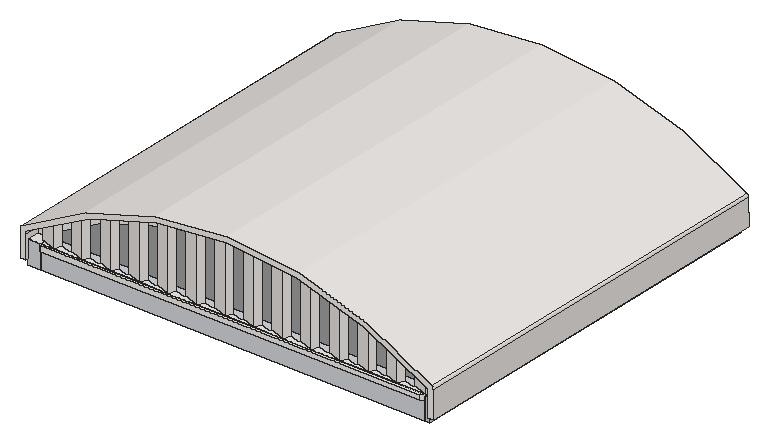
Revit family "Exterior-Mounted Cover", category Generic Models, host Face, Revit 2020
Family settings
  Host = Face
  Can host rebar = No
  Round Connector Dimension = Use Diameter
  Part Type = Normal
  Cut with Voids When Loaded = No
  Shared = No
  Room Calculation Point = No
Parameters
  Default Elevation = 1219.2 mm
Reference planes
  plane 1 "Center (Front/Back)": y = 0
  plane 2: z = 0
  plane 3 "Center (Left/Right)": x = 0
  plane 4: y = -110
  plane 5: y = 110
  plane 6: y = 108.5
  plane 7: y = -108.5
  plane 8: y = 105
  plane 9: y = -105
  plane 10: x = -106.5
  plane 11: x = -96.5
  plane 12: x = -90.5
  plane 13: x = -80.5
  plane 14: x = -74.5
  plane 15: x = -64.5
  plane 16: x = -58.5
  plane 17: x = -48.5
  plane 18: x = -42.5
  plane 19: x = -32.5
  plane 20: x = -26.5
  plane 21: x = -16.5
  plane 22: x = -10.5
  plane 23: x = -0.5
  plane 24: x = 5.5
  plane 25: x = 15.5
  plane 26: x = 21.5
  plane 27: x = 31.5
  plane 28: x = 37.5
  plane 29: x = 47.5
  plane 30: x = 53.5
  plane 31: x = 63.5
  plane 32: x = 69.5
  plane 33: x = 79.5
  plane 34: x = 85.5
  plane 35: x = 95.5
  plane 36: x = 101.5
  plane 37: x = 111.5
  plane 38: y = 100.728
  plane 39: y = -100.728
Forms (mm)
  Extrusion 1, void
    sketch origin (0, 0, 0) x (1, 0, 0) y (0, 1, 0)
      loop
        line (-60.869, 38.5) -> (-60.869, -68.334) -> (66.826, -68.334) -> (66.826, 38.5) -> (-60.869, 38.5)
    from 0 to -5.472
  Extrusion 2, solid, material "Metal - FanCo - Oil-Rubbed - Bronze"
    sketch origin (0, 0, 0) x (1, 0, 0) y (0, 0, 1)
      loop
        arc (115.5, 17.927) -> (115.261, 18.875) -> (114.602, 19.596) r 2
        arc (114.602, 19.596) -> (0, 54) -> (-114.602, 19.596) r 208.075
        arc (-114.602, 19.596) -> (-115.261, 18.875) -> (-115.5, 17.927) r 2
        line (-115.5, 17.927) -> (-115.5, 3) -> (-112.5, 3) -> (-112.5, 16.305)
        arc (-112.5, 16.305) -> (-112.257, 17.259) -> (-111.588, 17.983) r 2
        arc (-111.588, 17.983) -> (0, 51) -> (111.588, 17.983) r 205.075
        arc (111.588, 17.983) -> (112.257, 17.259) -> (112.5, 16.305) r 2
        line (112.5, 16.305) -> (112.5, 3) -> (115.5, 3) -> (115.5, 17.927)
    from -110 to 110
  Extrusion 3, solid
    sketch origin (0.337, 0, 0) x (1, 0, 0) y (0, 1, 0)
      loop
        line (109.163, 108.5) -> (109.163, -108.5) -> (112.163, -108.5) -> (112.163, 108.5) -> (109.163, 108.5)
    from 0 to 13
  Extrusion 4, solid
    sketch origin (-16.933, 0, 0) x (1, 0, 0) y (0, 1, 0)
      loop
        line (-88.354, 108.5) -> (-88.354, -108.5) -> (126.433, -108.5) -> (126.433, 108.5) -> (-88.354, 108.5)
    from 0 to 13
  Extrusion 5, solid
    sketch origin (-221.663, 0, 0) x (1, 0, 0) y (0, 1, 0)
      loop
        line (109.163, 108.5) -> (109.163, -108.5) -> (116.376, -108.5) -> (116.376, 108.5) -> (109.163, 108.5)
    from 0 to 13
  Extrusion 6, solid, material "Metal - FanCo - Oil-Rubbed - Bronze"
    sketch origin (-16.933, -227.216, 0) x (1, 0, 0) y (0, 1, 0)
      loop
        arc (-88.354, 118.716) -> (-87.915, 117.656) -> (-86.854, 117.216) r 1.5
        line (-86.854, 117.216) -> (124.933, 117.216)
        arc (124.933, 117.216) -> (125.994, 117.656) -> (126.433, 118.716) r 1.5
        line (126.433, 118.716) -> (-88.354, 118.716)
    from 10.456 to 13.207
  Extrusion 7, solid, material "Metal - FanCo - Oil-Rubbed - Bronze"
    sketch origin (-16.933, 227.216, 0) x (1, 0, 0) y (0, 1, 0)
      loop
        line (-88.354, -118.716) -> (126.433, -118.716)
        arc (126.433, -118.716) -> (125.994, -117.656) -> (124.933, -117.216) r 1.5
        line (124.933, -117.216) -> (-86.854, -117.216)
        arc (-86.854, -117.216) -> (-87.915, -117.656) -> (-88.354, -118.716) r 1.5
    from 10.456 to 13.207
  Extrusion 8, solid, material "Poche"
    sketch origin (-16.933, -2.5, 0) x (0, 1, 0) y (1, 0, 0)
      loop
        circle (90.201, 106.893) r 6.091
      loop
        circle (90.201, 106.893) r 4
      loop
        circle (90.201, 106.893) r 2
    from 0 to 0.384
  Extrusion 9, solid, material "Poche"
    sketch origin (16.933, -2.5, 0) x (0, -1, 0) y (-1, 0, 0)
      loop
        circle (-90.201, 106.893) r 6.091
      loop
        circle (-90.201, 106.893) r 4
      loop
        circle (-90.201, 106.893) r 2
    from 0 to 0.384
  Extrusion 10, solid, material "Poche"
    sketch origin (-16.933, 2.5, 0) x (0, 1, 0) y (1, 0, 0)
      loop
        circle (-90.201, 106.893) r 6.091
      loop
        circle (-90.201, 106.893) r 4
      loop
        circle (-90.201, 106.893) r 2
    from 0 to 0.384
  Extrusion 11, solid, material "Poche"
    sketch origin (16.933, 2.5, 0) x (0, -1, 0) y (-1, 0, 0)
      loop
        circle (90.201, 106.893) r 6.091
      loop
        circle (90.201, 106.893) r 4
      loop
        circle (90.201, 106.893) r 2
    from 0 to 0.384
  Extrusion 12, solid, material "Metal - FanCo - Oil-Rubbed - Bronze"
    sketch origin (5.506, 0, -3.179) x (1, 0, 0) y (0, 0, 1)
      loop
        arc (-117.094, 21.161) -> (-117.763, 20.438) -> (-118.006, 19.483) r 2
        line (-118.006, 19.483) -> (-118.006, 16.179) -> (-115.578, 16.179)
        arc (-115.578, 16.179) -> (-5.506, 49.179) -> (104.567, 16.179) r 200.075
        line (104.567, 16.179) -> (106.994, 16.179) -> (106.994, 19.483)
        arc (106.994, 19.483) -> (106.752, 20.438) -> (106.082, 21.161) r 2
        arc (106.082, 21.161) -> (-5.506, 54.179) -> (-117.094, 21.161) r 205.075
    from -101.728 to 101.728
  Extrusion 13, solid, material "Metal - FanCo - Oil-Rubbed - Bronze"
    sketch origin (27.964, 76.051, 0) x (1, 0, 0) y (0, 1, 0)
      loop
        line (-126.028, -184.551) -> (-124.66, -180.792) -> (-132.94, -177.779) -> (-134.308, -181.538) -> (-126.028, -184.551)
    from 13 to 33.227
  Extrusion 14, solid, material "Metal - FanCo - Oil-Rubbed - Bronze"
    sketch origin (43.964, 76.051, 0) x (1, 0, 0) y (0, 1, 0)
      loop
        line (-126.028, -184.551) -> (-124.66, -180.792) -> (-132.94, -177.779) -> (-134.308, -181.538) -> (-126.028, -184.551)
    from 13 to 42.068
  Extrusion 15, solid, material "Metal - FanCo - Oil-Rubbed - Bronze"
    sketch origin (59.964, 76.051, 0) x (1, 0, 0) y (0, 1, 0)
      loop
        line (-126.028, -184.551) -> (-124.66, -180.792) -> (-132.94, -177.779) -> (-134.308, -181.538) -> (-126.028, -184.551)
    from 13 to 52.511
  Extrusion 16, solid, material "Metal - FanCo - Oil-Rubbed - Bronze"
    sketch origin (75.964, 76.051, 0) x (1, 0, 0) y (0, 1, 0)
      loop
        line (-126.028, -184.551) -> (-124.66, -180.792) -> (-132.94, -177.779) -> (-134.308, -181.538) -> (-126.028, -184.551)
    from 13 to 53.116
  Extrusion 17, solid, material "Metal - FanCo - Oil-Rubbed - Bronze"
    sketch origin (91.964, 76.051, 0) x (1, 0, 0) y (0, 1, 0)
      loop
        line (-126.028, -184.551) -> (-124.66, -180.792) -> (-132.94, -177.779) -> (-134.308, -181.538) -> (-126.028, -184.551)
    from 13 to 56.652
  Extrusion 18, solid, material "Metal - FanCo - Oil-Rubbed - Bronze"
    sketch origin (107.964, 76.051, 0) x (1, 0, 0) y (0, 1, 0)
      loop
        line (-126.028, -184.551) -> (-124.66, -180.792) -> (-132.94, -177.779) -> (-134.308, -181.538) -> (-126.028, -184.551)
    from 13 to 57.313
  Extrusion 19, solid, material "Metal - FanCo - Oil-Rubbed - Bronze"
    sketch origin (123.964, 76.051, 0) x (1, 0, 0) y (0, 1, 0)
      loop
        line (-126.028, -184.551) -> (-124.66, -180.792) -> (-132.94, -177.779) -> (-134.308, -181.538) -> (-126.028, -184.551)
    from 13 to 57.313
  Extrusion 20, solid, material "Metal - FanCo - Oil-Rubbed - Bronze"
    sketch origin (139.964, 76.051, 0) x (1, 0, 0) y (0, 1, 0)
      loop
        line (-126.028, -184.551) -> (-124.66, -180.792) -> (-132.94, -177.779) -> (-134.308, -181.538) -> (-126.028, -184.551)
    from 13 to 60.309
  Extrusion 21, solid, material "Metal - FanCo - Oil-Rubbed - Bronze"
    sketch origin (155.964, 76.051, 0) x (1, 0, 0) y (0, 1, 0)
      loop
        line (-126.028, -184.551) -> (-124.66, -180.792) -> (-132.94, -177.779) -> (-134.308, -181.538) -> (-126.028, -184.551)
    from 13 to 55.331
  Extrusion 22, solid, material "Metal - FanCo - Oil-Rubbed - Bronze"
    sketch origin (171.964, 76.051, 0) x (1, 0, 0) y (0, 1, 0)
      loop
        line (-126.028, -184.551) -> (-124.66, -180.792) -> (-132.94, -177.779) -> (-134.308, -181.538) -> (-126.028, -184.551)
    from 13 to 51.398
  Extrusion 23, solid, material "Metal - FanCo - Oil-Rubbed - Bronze"
    sketch origin (187.964, 76.051, 0) x (1, 0, 0) y (0, 1, 0)
      loop
        line (-126.028, -184.551) -> (-124.66, -180.792) -> (-132.94, -177.779) -> (-134.308, -181.538) -> (-126.028, -184.551)
    from 13 to 45.976
  Extrusion 24, solid, material "Metal - FanCo - Oil-Rubbed - Bronze"
    sketch origin (203.964, 76.051, 0) x (1, 0, 0) y (0, 1, 0)
      loop
        line (-126.028, -184.551) -> (-124.66, -180.792) -> (-132.94, -177.779) -> (-134.308, -181.538) -> (-126.028, -184.551)
    from 13 to 43.889
  Extrusion 25, solid, material "Metal - FanCo - Oil-Rubbed - Bronze"
    sketch origin (219.964, 76.051, 0) x (1, 0, 0) y (0, 1, 0)
      loop
        line (-126.028, -184.551) -> (-124.66, -180.792) -> (-132.94, -177.779) -> (-134.308, -181.538) -> (-126.028, -184.551)
    from 13 to 36.52
  Extrusion 26, solid, material "Metal - FanCo - Oil-Rubbed - Bronze"
    sketch origin (235.964, 76.051, 0) x (1, 0, 0) y (0, 1, 0)
      loop
        line (-126.028, -184.551) -> (-124.66, -180.792) -> (-132.94, -177.779) -> (-134.308, -181.538) -> (-126.028, -184.551)
    from 13 to 27.168
  Extrusion 27, void
    sketch origin (0, -110, 0) x (-1, 0, 0) y (0, 0, 1)
      loop
        line (111.588, 17.983) -> (121.588, 17.983) -> (121.588, 62.168) -> (-112.508, 62.168) -> (-112.508, 17.383)
        arc (-112.508, 17.383) -> (-0.549, 50.999) -> (111.588, 17.983) r 205.075
    from 0 to 239.646
  Extrusion 28, solid, material "Metal - FanCo - Oil-Rubbed - Bronze"
    sketch origin (27.964, -76.051, 0) x (1, 0, 0) y (0, 1, 0)
      loop
        line (-126.028, 184.551) -> (-134.308, 181.538) -> (-132.94, 177.779) -> (-124.66, 180.792) -> (-126.028, 184.551)
    from 13 to 33.227
  Extrusion 29, solid, material "Metal - FanCo - Oil-Rubbed - Bronze"
    sketch origin (43.964, -76.051, 0) x (1, 0, 0) y (0, 1, 0)
      loop
        line (-126.028, 184.551) -> (-134.308, 181.538) -> (-132.94, 177.779) -> (-124.66, 180.792) -> (-126.028, 184.551)
    from 13 to 42.068
  Extrusion 30, solid, material "Metal - FanCo - Oil-Rubbed - Bronze"
    sketch origin (59.964, -76.051, 0) x (1, 0, 0) y (0, 1, 0)
      loop
        line (-126.028, 184.551) -> (-134.308, 181.538) -> (-132.94, 177.779) -> (-124.66, 180.792) -> (-126.028, 184.551)
    from 13 to 52.511
  Extrusion 31, solid, material "Metal - FanCo - Oil-Rubbed - Bronze"
    sketch origin (75.964, -76.051, 0) x (1, 0, 0) y (0, 1, 0)
      loop
        line (-126.028, 184.551) -> (-134.308, 181.538) -> (-132.94, 177.779) -> (-124.66, 180.792) -> (-126.028, 184.551)
    from 13 to 53.116
  Extrusion 32, solid, material "Metal - FanCo - Oil-Rubbed - Bronze"
    sketch origin (91.964, -76.051, 0) x (1, 0, 0) y (0, 1, 0)
      loop
        line (-126.028, 184.551) -> (-134.308, 181.538) -> (-132.94, 177.779) -> (-124.66, 180.792) -> (-126.028, 184.551)
    from 13 to 56.652
  Extrusion 33, solid, material "Metal - FanCo - Oil-Rubbed - Bronze"
    sketch origin (107.964, -76.051, 0) x (1, 0, 0) y (0, 1, 0)
      loop
        line (-126.028, 184.551) -> (-134.308, 181.538) -> (-132.94, 177.779) -> (-124.66, 180.792) -> (-126.028, 184.551)
    from 13 to 57.313
  Extrusion 34, solid, material "Metal - FanCo - Oil-Rubbed - Bronze"
    sketch origin (123.964, -76.051, 0) x (1, 0, 0) y (0, 1, 0)
      loop
        line (-126.028, 184.551) -> (-134.308, 181.538) -> (-132.94, 177.779) -> (-124.66, 180.792) -> (-126.028, 184.551)
    from 13 to 57.313
  Extrusion 35, solid, material "Metal - FanCo - Oil-Rubbed - Bronze"
    sketch origin (139.964, -76.051, 0) x (1, 0, 0) y (0, 1, 0)
      loop
        line (-126.028, 184.551) -> (-134.308, 181.538) -> (-132.94, 177.779) -> (-124.66, 180.792) -> (-126.028, 184.551)
    from 13 to 60.309
  Extrusion 36, solid, material "Metal - FanCo - Oil-Rubbed - Bronze"
    sketch origin (155.964, -76.051, 0) x (1, 0, 0) y (0, 1, 0)
      loop
        line (-126.028, 184.551) -> (-134.308, 181.538) -> (-132.94, 177.779) -> (-124.66, 180.792) -> (-126.028, 184.551)
    from 13 to 55.331
  Extrusion 37, solid, material "Metal - FanCo - Oil-Rubbed - Bronze"
    sketch origin (171.964, -76.051, 0) x (1, 0, 0) y (0, 1, 0)
      loop
        line (-126.028, 184.551) -> (-134.308, 181.538) -> (-132.94, 177.779) -> (-124.66, 180.792) -> (-126.028, 184.551)
    from 13 to 51.398
  Extrusion 38, solid, material "Metal - FanCo - Oil-Rubbed - Bronze"
    sketch origin (187.964, -76.051, 0) x (1, 0, 0) y (0, 1, 0)
      loop
        line (-126.028, 184.551) -> (-134.308, 181.538) -> (-132.94, 177.779) -> (-124.66, 180.792) -> (-126.028, 184.551)
    from 13 to 45.976
  Extrusion 39, solid, material "Metal - FanCo - Oil-Rubbed - Bronze"
    sketch origin (203.964, -76.051, 0) x (1, 0, 0) y (0, 1, 0)
      loop
        line (-126.028, 184.551) -> (-134.308, 181.538) -> (-132.94, 177.779) -> (-124.66, 180.792) -> (-126.028, 184.551)
    from 13 to 43.889
  Extrusion 40, solid, material "Metal - FanCo - Oil-Rubbed - Bronze"
    sketch origin (219.964, -76.051, 0) x (1, 0, 0) y (0, 1, 0)
      loop
        line (-126.028, 184.551) -> (-134.308, 181.538) -> (-132.94, 177.779) -> (-124.66, 180.792) -> (-126.028, 184.551)
    from 13 to 36.52
  Extrusion 41, solid, material "Metal - FanCo - Oil-Rubbed - Bronze"
    sketch origin (235.964, -76.051, 0) x (1, 0, 0) y (0, 1, 0)
      loop
        line (-126.028, 184.551) -> (-134.308, 181.538) -> (-132.94, 177.779) -> (-124.66, 180.792) -> (-126.028, 184.551)
    from 13 to 27.168
  Extrusion 42, solid, material "Metal - FanCo - Oil-Rubbed - Bronze"
    sketch origin (-16.615, -1.066, 13) x (1, 0, 0) y (0, 1, 0)
      loop
        line (-95.885, 109.566) -> (-95.885, 102.794) -> (-88.361, 102.794) -> (-74.232, 107.936) -> (-72.361, 102.794) -> (-58.232, 107.936) -> (-56.361, 102.794) -> (-42.232, 107.936) -> (-40.361, 102.794) -> (-26.232, 107.936) -> (-24.361, 102.794) -> (-10.232, 107.936) -> (-8.361, 102.794) -> (5.768, 107.936) -> (7.639, 102.794) -> (21.768, 107.936) -> (23.639, 102.794) -> (37.768, 107.936) -> (39.639, 102.794) -> (53.768, 107.936) -> (55.639, 102.794) -> (69.768, 107.936) -> (71.639, 102.794) -> (85.768, 107.936) -> (87.639, 102.794) -> (101.768, 107.936) -> (103.639, 102.794) -> (117.768, 107.936) -> (119.639, 102.794) -> (129.115, 102.794) -> (129.115, 109.566) -> (-95.885, 109.566)
    from 0.207 to 0
  Extrusion 43, solid, material "Metal - FanCo - Oil-Rubbed - Bronze"
    sketch origin (-16.615, 1.066, 13) x (1, 0, 0) y (0, 1, 0)
      loop
        line (-95.885, -109.566) -> (129.115, -109.566) -> (129.115, -102.794) -> (119.639, -102.794) -> (117.768, -107.936) -> (103.639, -102.794) -> (101.768, -107.936) -> (87.639, -102.794) -> (85.768, -107.936) -> (71.639, -102.794) -> (69.768, -107.936) -> (55.639, -102.794) -> (53.768, -107.936) -> (39.639, -102.794) -> (37.768, -107.936) -> (23.639, -102.794) -> (21.768, -107.936) -> (7.639, -102.794) -> (5.768, -107.936) -> (-8.361, -102.794) -> (-10.232, -107.936) -> (-24.361, -102.794) -> (-26.232, -107.936) -> (-40.361, -102.794) -> (-42.232, -107.936) -> (-56.361, -102.794) -> (-58.232, -107.936) -> (-72.361, -102.794) -> (-74.232, -107.936) -> (-88.361, -102.794) -> (-95.885, -102.794) -> (-95.885, -109.566)
    from 0.207 to 0
  Extrusion 44, solid, material "Default"
    sketch origin (5.506, 0, -16.183) x (1, 0, 0) y (0, 0, 1)
      loop
        line (-115.578, 29.183) -> (104.567, 29.183)
        arc (104.567, 29.183) -> (-5.506, 62.183) -> (-115.578, 29.183) r 200.075
    from -100.728 to 100.728
Cuts and joins
  Extrusion 27 cuts Extrusion 12
  Extrusion 27 cuts Extrusion 13
  Extrusion 27 cuts Extrusion 14
  Extrusion 27 cuts Extrusion 15
  Extrusion 27 cuts Extrusion 16
  Extrusion 27 cuts Extrusion 17
  Extrusion 27 cuts Extrusion 18
  Extrusion 27 cuts Extrusion 19
  Extrusion 27 cuts Extrusion 20
  Extrusion 27 cuts Extrusion 21
  Extrusion 27 cuts Extrusion 22
  Extrusion 27 cuts Extrusion 23
  Extrusion 27 cuts Extrusion 24
  Extrusion 27 cuts Extrusion 25
  Extrusion 27 cuts Extrusion 26
  joined: Extrusion 13, Extrusion 14, Extrusion 15, Extrusion 16, Extrusion 17, Extrusion 18, Extrusion 19, Extrusion 20, Extrusion 21, Extrusion 22, Extrusion 23, Extrusion 24, Extrusion 25, Extrusion 26, Extrusion 43
  Extrusion 27 cuts Extrusion 28
  Extrusion 27 cuts Extrusion 29
  Extrusion 27 cuts Extrusion 30
  Extrusion 27 cuts Extrusion 31
  Extrusion 27 cuts Extrusion 32
  Extrusion 27 cuts Extrusion 33
  Extrusion 27 cuts Extrusion 34
  Extrusion 27 cuts Extrusion 35
  Extrusion 27 cuts Extrusion 36
  Extrusion 27 cuts Extrusion 37
  Extrusion 27 cuts Extrusion 38
  Extrusion 27 cuts Extrusion 39
  Extrusion 27 cuts Extrusion 40
  Extrusion 27 cuts Extrusion 41
  joined: Extrusion 28, Extrusion 29, Extrusion 30, Extrusion 31, Extrusion 32, Extrusion 33, Extrusion 34, Extrusion 35, Extrusion 36, Extrusion 37, Extrusion 38, Extrusion 39, Extrusion 40, Extrusion 41, Extrusion 42
Dimensions and locks
  plane 1 "Center (Front/Back)" to plane 4 = 110 mm
  Extrusion 2 to Extrusion 12 = 8.272 mm
  Extrusion 12 to Extrusion 2 = 8.272 mm
  plane 37 to plane 36 to plane 35 to plane 34 to plane 33 to plane 32 to plane 31 to plane 30 to plane 29 to plane 28 to plane 27 to plane 26 to plane 25 to plane 24 to plane 23 to plane 22 to plane 21 to plane 20 to plane 19 to plane 18 to plane 17 to plane 16 to plane 15 to plane 14 to plane 13 to plane 12 to plane 11 to plane 10 to Extrusion 2 = 10 mm, 6 mm, 10 mm, 6 mm, 10 mm, 6 mm, 10 mm, 6 mm, 10 mm, 6 mm, 10 mm, 6 mm, 10 mm, 6 mm, 10 mm, 6 mm, 10 mm, 6 mm, 10 mm, 6 mm, 10 mm, 6 mm, 10 mm, 6 mm, 10 mm, 6 mm, 10 mm, 6 mm
  cut or joined group of Extrusion 12, Extrusion 27 to plane 38 = 1 mm
  aligned and locked: plane 2 to Extrusion 1
  aligned and locked: level to Extrusion 1
